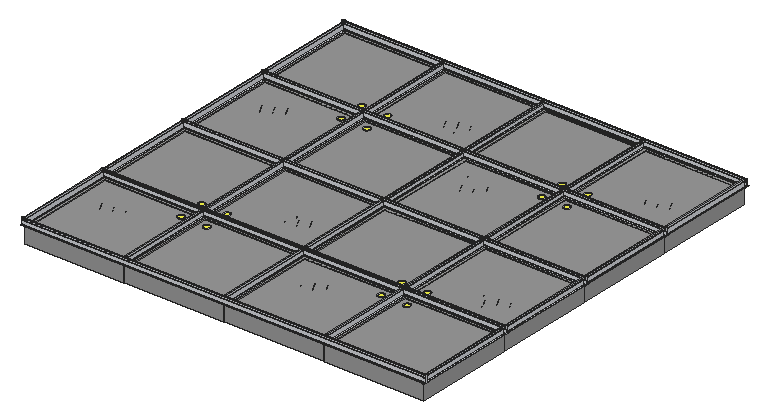
Revit family "GRD-FPG-019_FOLDED PLUG GRID_RFA", category Modelos genéricos, Revit 2022 (continued)
Definition of nested family "GRD-TLE-021_TILE 001_RFA"
  Forms (in)
    Extrusion 88, solid, not visible
      sketch origin (0, 0, 0) x (1, 0, 0) y (0, 1, 0)
        loop
          line (6, 2) -> (6, 1) -> (66, 1) -> (66, 2) -> (6, 2)
      from 0 to 1.03
    Extrusion 89, solid, not visible
      sketch origin (0, 32, 0) x (1, 0, 0) y (0, 1, 0)
        loop
          line (0, 3) -> (0, 0) -> (108, 0) -> (108, 3) -> (0, 3)
      from 0 to 8
    Extrusion 90, void, not visible
      sketch origin (0, 32, 0) x (1, 0, 0) y (0, 1, 0)
        loop
          line (6, 2) -> (6, 1) -> (102, 1) -> (102, 2) -> (6, 2)
      from 0 to 1.03
    Extrusion 91, solid, not visible
      sketch origin (8.95842, -18.67436, 0) x (1, 0, 0) y (0, 1, 0)
        loop
          line (-8.48642, 97.64679) -> (-8.48642, 97.17436) -> (98.56914, 97.17436) -> (98.56914, 97.64679) -> (-8.48642, 97.64679)
      from 0.59055 to 8
    Extrusion 92, solid, not visible
      sketch origin (8.95842, -16.6468, 0) x (1, 0, 0) y (0, 1, 0)
        loop
          line (-8.48642, 97.64679) -> (-8.48642, 97.17436) -> (98.56914, 97.17436) -> (98.56914, 97.64679) -> (-8.48642, 97.64679)
      from 0.59055 to 8
    Extrusion 93, solid, not visible
      sketch origin (60.46912, 110.28574, 0) x (1, 0, 0) y (0, 1, 0)
        loop
          line (45.03088, -29.28574) -> (-57.96911, -29.28574) -> (-57.96911, -31.78574) -> (45.03088, -31.78574) -> (45.03088, -29.28574)
        loop
          line (23.78088, -31.03574) -> (41.78088, -31.03574) -> (41.78088, -30.03574) -> (23.78088, -30.03574) -> (23.78088, -31.03574)
        loop
          line (-54.71912, -31.03574) -> (-36.71912, -31.03574) -> (-36.71912, -30.03574) -> (-54.71912, -30.03574) -> (-54.71912, -31.03574)
      from 0 to 0.59055
    Extrusion 94, solid, not visible
      sketch origin (108, 51.5, 0) x (0, 1, 0) y (-1, 0, 0)
        loop
          line (27.75, 102.25) -> (27.75, 84.25) -> (28.75, 84.25) -> (28.75, 102.25) -> (27.75, 102.25)
      from 0 to 1
    Extrusion 95, solid, not visible
      sketch origin (186.5, 51.5, 0) x (0, 1, 0) y (-1, 0, 0)
        loop
          line (27.75, 102.25) -> (27.75, 84.25) -> (28.75, 84.25) -> (28.75, 102.25) -> (27.75, 102.25)
      from 0 to 1
    Extrusion 96, solid, not visible
      sketch origin (8.95842, -44.42438, 0) x (1, 0, 0) y (0, 1, 0)
        loop
          line (-8.48642, 97.64679) -> (-8.48642, 97.17436) -> (98.56914, 97.17436) -> (98.56914, 97.64679) -> (-8.48642, 97.64679)
      from 0.59055 to 8
    Extrusion 97, solid, not visible
      sketch origin (8.95842, -42.39682, 0) x (1, 0, 0) y (0, 1, 0)
        loop
          line (-8.48642, 97.64679) -> (-8.48642, 97.17436) -> (98.56914, 97.17436) -> (98.56914, 97.64679) -> (-8.48642, 97.64679)
      from 0.59055 to 8
    Extrusion 98, solid, not visible
      sketch origin (60.46912, 84.53571, 0) x (1, 0, 0) y (0, 1, 0)
        loop
          line (45.03088, -29.28574) -> (-57.96911, -29.28574) -> (-57.96911, -31.78574) -> (45.03088, -31.78574) -> (45.03088, -29.28574)
        loop
          line (-28.96912, -31.03574) -> (-10.96912, -31.03574) -> (-10.96912, -30.03574) -> (-28.96912, -30.03574) -> (-28.96912, -31.03574)
        loop
          line (-3.21912, -31.03571) -> (14.78088, -31.03571) -> (14.78088, -30.03571) -> (-3.21912, -30.03571) -> (-3.21912, -31.03571)
      from 0 to 0.59055
    Extrusion 99, solid, not visible
      sketch origin (133.74998, 25.74998, 0) x (0, 1, 0) y (-1, 0, 0)
        loop
          line (27.75, 102.25) -> (27.75, 84.25) -> (28.75, 84.25) -> (28.75, 102.25) -> (27.75, 102.25)
      from 0 to 1
    Extrusion 100, solid, not visible
      sketch origin (159.49998, 25.74998, 0) x (0, 1, 0) y (-1, 0, 0)
        loop
          line (27.75, 102.25) -> (27.75, 84.25) -> (28.75, 84.25) -> (28.75, 102.25) -> (27.75, 102.25)
      from 0 to 1
    Extrusion 101, solid, not visible
      sketch origin (8.95842, -70.17436, 0) x (1, 0, 0) y (0, 1, 0)
        loop
          line (-8.48642, 97.64679) -> (-8.48642, 97.17436) -> (98.56914, 97.17436) -> (98.56914, 97.64679) -> (-8.48642, 97.64679)
      from 0.59055 to 8
    Extrusion 102, solid, not visible
      sketch origin (8.95842, -68.1468, 0) x (1, 0, 0) y (0, 1, 0)
        loop
          line (-8.48642, 97.64679) -> (-8.48642, 97.17436) -> (98.56914, 97.17436) -> (98.56914, 97.64679) -> (-8.48642, 97.64679)
      from 0.59055 to 8
    Extrusion 103, solid, not visible
      sketch origin (60.46912, 58.78574, 0) x (1, 0, 0) y (0, 1, 0)
        loop
          line (45.03088, -29.28574) -> (-57.96911, -29.28574) -> (-57.96911, -31.78574) -> (45.03088, -31.78574) -> (45.03088, -29.28574)
        loop
          line (23.78088, -31.03574) -> (41.78088, -31.03574) -> (41.78088, -30.03574) -> (23.78088, -30.03574) -> (23.78088, -31.03574)
        loop
          line (-54.71912, -31.03574) -> (-36.71912, -31.03574) -> (-36.71912, -30.03574) -> (-54.71912, -30.03574) -> (-54.71912, -31.03574)
      from 0 to 0.59055
    Extrusion 104, solid, not visible
      sketch origin (108, 0, 0) x (0, 1, 0) y (-1, 0, 0)
        loop
          line (27.75, 102.25) -> (27.75, 84.25) -> (28.75, 84.25) -> (28.75, 102.25) -> (27.75, 102.25)
      from 0 to 1
    Extrusion 105, solid, not visible
      sketch origin (186.5, 0, 0) x (0, 1, 0) y (-1, 0, 0)
        loop
          line (27.75, 102.25) -> (27.75, 84.25) -> (28.75, 84.25) -> (28.75, 102.25) -> (27.75, 102.25)
      from 0 to 1
    Extrusion 106, solid, not visible
      sketch origin (-70.17436, 99.04114, 0) x (0, -1, 0) y (1, 0, 0)
        loop
          line (-8.48642, 97.64679) -> (-8.48642, 97.17436) -> (98.56914, 97.17436) -> (98.56914, 97.64679) -> (-8.48642, 97.64679)
      from 0.59055 to 8
    Extrusion 107, solid, not visible
      sketch origin (-68.1468, 99.04114, 0) x (0, -1, 0) y (1, 0, 0)
        loop
          line (-8.48642, 97.64679) -> (-8.48642, 97.17436) -> (98.56914, 97.17436) -> (98.56914, 97.64679) -> (-8.48642, 97.64679)
      from 0.59055 to 8
    Extrusion 108, solid, not visible
      sketch origin (-2.28571, 86.21912, 0) x (0, 1, 0) y (-1, 0, 0)
        loop
          line (19.28088, -29.28574) -> (-83.71912, -29.28574) -> (-83.71912, -31.78574) -> (19.28088, -31.78574) -> (19.28088, -29.28574)
        loop
          line (16.03088, -31.03571) -> (16.03088, -30.03571) -> (-1.96912, -30.03571) -> (-1.96912, -31.03571) -> (16.03088, -31.03571)
        loop
          line (-62.46912, -31.03571) -> (-62.46912, -30.03571) -> (-80.46912, -30.03571) -> (-80.46912, -31.03571) -> (-62.46912, -31.03571)
      from 0 to 0.59055
    Extrusion 109, solid, not visible
      sketch origin (0, 0, 0) x (1, 0, 0) y (0, 1, 0)
        loop
          line (27.75, 102.25) -> (27.75, 84.25) -> (28.75, 84.25) -> (28.75, 102.25) -> (27.75, 102.25)
      from 0 to 1
    Extrusion 110, solid, not visible
      sketch origin (0, -78.5, 0) x (1, 0, 0) y (0, 1, 0)
        loop
          line (27.75, 102.25) -> (27.75, 84.25) -> (28.75, 84.25) -> (28.75, 102.25) -> (27.75, 102.25)
      from 0 to 1
    Extrusion 111, solid, not visible
      sketch origin (-44.89438, 99.04114, 0) x (0, -1, 0) y (1, 0, 0)
        loop
          line (-8.48642, 97.64679) -> (-8.48642, 97.17436) -> (98.56914, 97.17436) -> (98.56914, 97.64679) -> (-8.48642, 97.64679)
      from 0.59055 to 8
    Extrusion 112, solid, not visible
      sketch origin (-42.39682, 99.04114, 0) x (0, -1, 0) y (1, 0, 0)
        loop
          line (-8.48642, 97.64679) -> (-8.48642, 97.17436) -> (98.56914, 97.17436) -> (98.56914, 97.64679) -> (-8.48642, 97.64679)
      from 0.59055 to 8
    Extrusion 113, solid, not visible
      sketch origin (23.46427, 86.21912, 0) x (0, 1, 0) y (-1, 0, 0)
        loop
          line (19.28088, -28.81571) -> (-83.71912, -28.81571) -> (-83.71912, -31.78574) -> (19.28088, -31.78574) -> (19.28088, -28.81571)
        loop
          line (-28.96912, -29.78573) -> (-28.96912, -30.78571) -> (-10.96912, -30.78571) -> (-10.96912, -29.78573) -> (-28.96912, -29.78573)
        loop
          line (-54.71914, -29.78573) -> (-54.71914, -30.78573) -> (-36.71914, -30.78573) -> (-36.71914, -29.78573) -> (-54.71914, -29.78573)
      from 0 to 0.59055
    Extrusion 114, solid, not visible
      sketch origin (25.74998, -27, 0) x (1, 0, 0) y (0, 1, 0)
        loop
          line (27.50002, 102.25) -> (27.50002, 84.25) -> (28.5, 84.25) -> (28.5, 102.25) -> (27.50002, 102.25)
      from 0 to 1
    Extrusion 115, solid, not visible
      sketch origin (25.74998, -52.75002, 0) x (1, 0, 0) y (0, 1, 0)
        loop
          line (27.50002, 102.25) -> (27.50002, 84.25) -> (28.50002, 84.25) -> (28.50002, 102.25) -> (27.50002, 102.25)
      from 0 to 1
    Extrusion 116, solid, not visible
      sketch origin (-18.67436, 99.04114, 0) x (0, -1, 0) y (1, 0, 0)
        loop
          line (-8.48642, 97.64679) -> (-8.48642, 97.17436) -> (98.56914, 97.17436) -> (98.56914, 97.64679) -> (-8.48642, 97.64679)
      from 0.59055 to 8
    Extrusion 117, solid, not visible
      sketch origin (-16.6468, 99.04114, 0) x (0, -1, 0) y (1, 0, 0)
        loop
          line (-8.48642, 97.64679) -> (-8.48642, 97.17436) -> (98.56914, 97.17436) -> (98.56914, 97.64679) -> (-8.48642, 97.64679)
      from 0.59055 to 8
    Extrusion 118, solid, not visible
      sketch origin (49.21426, 86.21912, 0) x (0, 1, 0) y (-1, 0, 0)
        loop
          line (19.28088, -29.28574) -> (-83.71912, -29.28574) -> (-83.71912, -31.78574) -> (19.28088, -31.78574) -> (19.28088, -29.28574)
        loop
          line (16.03088, -31.03571) -> (16.03088, -30.03571) -> (-1.96912, -30.03571) -> (-1.96912, -31.03571) -> (16.03088, -31.03571)
        loop
          line (-62.46912, -31.03571) -> (-62.46912, -30.03571) -> (-80.46912, -30.03571) -> (-80.46912, -31.03571) -> (-62.46912, -31.03571)
      from 0 to 0.59055
    Extrusion 119, solid, not visible
      sketch origin (51.49997, 0, 0) x (1, 0, 0) y (0, 1, 0)
        loop
          line (27.75, 102.25) -> (27.75, 84.25) -> (28.75, 84.25) -> (28.75, 102.25) -> (27.75, 102.25)
      from 0 to 1
    Extrusion 120, solid, not visible
      sketch origin (51.49997, -78.5, 0) x (1, 0, 0) y (0, 1, 0)
        loop
          line (27.75, 102.25) -> (27.75, 84.25) -> (28.75, 84.25) -> (28.75, 102.25) -> (27.75, 102.25)
      from 0 to 1
    Extrusion 121, solid, not visible
      sketch origin (10.23509, 91.82771, 0) x (0, -1, 0) y (1, 0, 0)
        loop
          line (-16.17229, 97.76491) -> (-15.69986, 97.29248) -> (91.35527, 97.29248) -> (91.82771, 97.76491) -> (-16.17229, 97.76491)
      from 0.59055 to 8
    Extrusion 122, solid, not visible
      sketch origin (137.28574, 61.88413, 0) x (0, 1, 0) y (-1, 0, 0)
        loop
          line (46.11587, 29.28574) -> (43.61587, 31.78574) -> (-59.38412, 31.78574) -> (-61.88412, 29.28574) -> (46.11587, 29.28574)
      from 0 to 0.59055
    Extrusion 123, solid, not visible
      sketch origin (8.20754, 91.82771, 0) x (0, -1, 0) y (1, 0, 0)
        loop
          line (-14.14474, 97.76491) -> (-13.67231, 97.29248) -> (89.32772, 97.29248) -> (89.80016, 97.76491) -> (-14.14474, 97.76491)
      from 0.59055 to 8.22418
    Extrusion 124, solid, not visible
      sketch origin (18.95842, 10.23509, 0) x (1, 0, 0) y (0, 1, 0)
        loop
          line (-18.95842, 97.76491) -> (-18.48598, 97.29247) -> (88.56914, 97.29247) -> (89.04158, 97.76491) -> (-18.95842, 97.76491)
      from 0.59055 to 8
    Extrusion 125, solid, not visible
      sketch origin (61.88413, 137.28574, 0) x (1, 0, 0) y (0, 1, 0)
        loop
          line (46.11587, -29.28574) -> (-61.88412, -29.28574) -> (-59.38412, -31.78574) -> (43.61587, -31.78574) -> (46.11587, -29.28574)
      from 0 to 0.59055
    Extrusion 126, solid, not visible
      sketch origin (18.95842, 8.20753, 0) x (1, 0, 0) y (0, 1, 0)
        loop
          line (-16.93086, 97.76491) -> (-16.45842, 97.29247) -> (86.54158, 97.29247) -> (87.01402, 97.76491) -> (-16.93086, 97.76491)
      from 0.59055 to 8
    Extrusion 127, solid, not visible
      sketch origin (-101.24865, 87.31603, 0) x (0, -1, 0) y (1, 0, 0)
        loop
          line (-20.21152, 101.72109) -> (-20.68397, 101.24865) -> (87.31604, 101.24865) -> (86.84359, 101.72109) -> (-20.21152, 101.72109)
      from 0.47244 to 8
    Extrusion 128, solid, not visible
      sketch origin (-29.28573, 61.88413, 0) x (0, 1, 0) y (-1, 0, 0)
        loop
          line (46.11587, -29.28574) -> (-61.88412, -29.28574) -> (-59.38412, -31.78574) -> (43.61587, -31.78574) -> (46.11587, -29.28574)
      from 0 to 0.59055
    Extrusion 129, solid, not visible
      sketch origin (-99.22109, 87.31603, 0) x (0, -1, 0) y (1, 0, 0)
        loop
          line (-18.18396, 101.72109) -> (-18.65641, 101.24865) -> (85.28848, 101.24865) -> (84.81603, 101.72109) -> (-18.18396, 101.72109)
      from 0.47244 to 8
    Extrusion 130, solid, not visible
      sketch origin (61.88413, -29.28574, 0) x (1, 0, 0) y (0, 1, 0)
        loop
          line (46.11587, 29.28574) -> (43.61587, 31.78574) -> (-59.38412, 31.78574) -> (-61.88412, 29.28574) -> (46.11587, 29.28574)
      from 0 to 0.47244
    Extrusion 131, solid, not visible
      sketch origin (8.95842, -97.17435, 0) x (1, 0, 0) y (0, 1, 0)
        loop
          line (-8.48598, 97.64679) -> (-8.95842, 97.17436) -> (99.04157, 97.17436) -> (98.56914, 97.64679) -> (-8.48598, 97.64679)
      from 0.59055 to 8
    Extrusion 132, solid, not visible
      sketch origin (8.95842, -95.14679, 0) x (1, 0, 0) y (0, 1, 0)
        loop
          line (-6.45842, 97.64679) -> (-6.93085, 97.17436) -> (97.01401, 97.17436) -> (96.54158, 97.64679) -> (-6.45842, 97.64679)
      from 0.59055 to 8
    Extrusion 133, solid, not visible
      sketch origin (61.88413, -29.28574, 0) x (1, 0, 0) y (0, 1, 0)
        loop
          line (46.11587, 29.28574) -> (43.61587, 31.78574) -> (-59.38412, 31.78574) -> (-61.88412, 29.28574) -> (46.11587, 29.28574)
      from 0 to 0.47244
    Extrusion 134, solid, not visible
      sketch origin (18.95842, 10.23509, 0) x (1, 0, 0) y (0, 1, 0)
        loop
          line (-18.95842, 97.76491) -> (-18.48598, 97.29247) -> (88.56914, 97.29247) -> (89.04158, 97.76491) -> (-18.95842, 97.76491)
      from 0.59055 to 8
    Extrusion 135, solid, not visible
      sketch origin (8.95842, -97.17435, 0) x (1, 0, 0) y (0, 1, 0)
        loop
          line (-8.48598, 97.64679) -> (-8.95842, 97.17436) -> (99.04157, 97.17436) -> (98.56914, 97.64679) -> (-8.48598, 97.64679)
      from 0.59055 to 8
    Extrusion 136, solid, not visible
      sketch origin (10.23509, 91.82771, 0) x (0, -1, 0) y (1, 0, 0)
        loop
          line (-16.17229, 97.76491) -> (-15.69986, 97.29248) -> (91.35527, 97.29248) -> (91.82771, 97.76491) -> (-16.17229, 97.76491)
      from 0.59055 to 8
    Extrusion 137, solid, not visible
      sketch origin (-101.24865, 87.31603, 0) x (0, -1, 0) y (1, 0, 0)
        loop
          line (-20.21152, 101.72109) -> (-20.68397, 101.24865) -> (87.31604, 101.24865) -> (86.84359, 101.72109) -> (-20.21152, 101.72109)
      from 0.47244 to 8
    Extrusion 138, solid, not visible
      sketch origin (61.88413, 137.28574, 0) x (1, 0, 0) y (0, 1, 0)
        loop
          line (46.11587, -29.28574) -> (-61.88412, -29.28574) -> (-59.38412, -31.78574) -> (43.61587, -31.78574) -> (46.11587, -29.28574)
      from 0 to 0.59055
    Extrusion 139, solid, not visible
      sketch origin (-29.28573, 61.88413, 0) x (0, 1, 0) y (-1, 0, 0)
        loop
          line (46.11587, -29.28574) -> (-61.88412, -29.28574) -> (-59.38412, -31.78574) -> (43.61587, -31.78574) -> (46.11587, -29.28574)
      from 0 to 0.59055
    Extrusion 140, solid, not visible
      sketch origin (137.28574, 61.88413, 0) x (0, 1, 0) y (-1, 0, 0)
        loop
          line (46.11587, 29.28574) -> (43.61587, 31.78574) -> (-59.38412, 31.78574) -> (-61.88412, 29.28574) -> (46.11587, 29.28574)
      from 0 to 0.59055
    Extrusion 141, solid, not visible
      sketch origin (8.95842, -95.14679, 0) x (1, 0, 0) y (0, 1, 0)
        loop
          line (-6.45842, 97.64679) -> (-6.93085, 97.17436) -> (97.01401, 97.17436) -> (96.54158, 97.64679) -> (-6.45842, 97.64679)
      from 0.59055 to 8
    Extrusion 142, solid, not visible
      sketch origin (-99.22109, 87.31603, 0) x (0, -1, 0) y (1, 0, 0)
        loop
          line (-18.18396, 101.72109) -> (-18.65641, 101.24865) -> (85.28848, 101.24865) -> (84.81603, 101.72109) -> (-18.18396, 101.72109)
      from 0.47244 to 8
    Extrusion 143, solid, not visible
      sketch origin (18.95842, 8.20753, 0) x (1, 0, 0) y (0, 1, 0)
        loop
          line (-16.93086, 97.76491) -> (-16.45842, 97.29247) -> (86.54158, 97.29247) -> (87.01402, 97.76491) -> (-16.93086, 97.76491)
      from 0.59055 to 8
    Extrusion 144, solid, not visible
      sketch origin (8.20754, 91.82771, 0) x (0, -1, 0) y (1, 0, 0)
        loop
          line (-14.14474, 97.76491) -> (-13.67231, 97.29248) -> (89.32772, 97.29248) -> (89.80016, 97.76491) -> (-14.14474, 97.76491)
      from 0.59055 to 8.22418
    Extrusion 145, solid, not visible
      sketch origin (8.95842, -70.17436, 0) x (1, 0, 0) y (0, 1, 0)
        loop
          line (-8.48642, 97.64679) -> (-8.48642, 97.17436) -> (98.56914, 97.17436) -> (98.56914, 97.64679) -> (-8.48642, 97.64679)
      from 0.59055 to 8
    Extrusion 146, solid, not visible
      sketch origin (8.95842, -68.1468, 0) x (1, 0, 0) y (0, 1, 0)
        loop
          line (-8.48642, 97.64679) -> (-8.48642, 97.17436) -> (98.56914, 97.17436) -> (98.56914, 97.64679) -> (-8.48642, 97.64679)
      from 0.59055 to 8
    Extrusion 147, solid, not visible
      sketch origin (8.95842, -44.42438, 0) x (1, 0, 0) y (0, 1, 0)
        loop
          line (-8.48642, 97.64679) -> (-8.48642, 97.17436) -> (98.56914, 97.17436) -> (98.56914, 97.64679) -> (-8.48642, 97.64679)
      from 0.59055 to 8
    Extrusion 148, solid, not visible
      sketch origin (8.95842, -42.39682, 0) x (1, 0, 0) y (0, 1, 0)
        loop
          line (-8.48642, 97.64679) -> (-8.48642, 97.17436) -> (98.56914, 97.17436) -> (98.56914, 97.64679) -> (-8.48642, 97.64679)
      from 0.59055 to 8
    Extrusion 149, solid, not visible
      sketch origin (8.95842, -18.67436, 0) x (1, 0, 0) y (0, 1, 0)
        loop
          line (-8.48642, 97.64679) -> (-8.48642, 97.17436) -> (98.56914, 97.17436) -> (98.56914, 97.64679) -> (-8.48642, 97.64679)
      from 0.59055 to 8
    Extrusion 150, solid, not visible
      sketch origin (8.95842, -16.6468, 0) x (1, 0, 0) y (0, 1, 0)
        loop
          line (-8.48642, 97.64679) -> (-8.48642, 97.17436) -> (98.56914, 97.17436) -> (98.56914, 97.64679) -> (-8.48642, 97.64679)
      from 0.59055 to 8
    Extrusion 151, solid, not visible
      sketch origin (-70.17436, 99.04114, 0) x (0, -1, 0) y (1, 0, 0)
        loop
          line (-8.48642, 97.64679) -> (-8.48642, 97.17436) -> (98.56914, 97.17436) -> (98.56914, 97.64679) -> (-8.48642, 97.64679)
      from 0.59055 to 8
    Extrusion 152, solid, not visible
      sketch origin (-68.1468, 99.04114, 0) x (0, -1, 0) y (1, 0, 0)
        loop
          line (-8.48642, 97.64679) -> (-8.48642, 97.17436) -> (98.56914, 97.17436) -> (98.56914, 97.64679) -> (-8.48642, 97.64679)
      from 0.59055 to 8
    Extrusion 153, solid, not visible
      sketch origin (-44.89438, 99.04114, 0) x (0, -1, 0) y (1, 0, 0)
        loop
          line (-8.48642, 97.64679) -> (-8.48642, 97.17436) -> (98.56914, 97.17436) -> (98.56914, 97.64679) -> (-8.48642, 97.64679)
      from 0.59055 to 8
    Extrusion 154, solid, not visible
      sketch origin (-42.39682, 99.04114, 0) x (0, -1, 0) y (1, 0, 0)
        loop
          line (-8.48642, 97.64679) -> (-8.48642, 97.17436) -> (98.56914, 97.17436) -> (98.56914, 97.64679) -> (-8.48642, 97.64679)
      from 0.59055 to 8
    Extrusion 155, solid, not visible
      sketch origin (-18.67436, 99.04114, 0) x (0, -1, 0) y (1, 0, 0)
        loop
          line (-8.48642, 97.64679) -> (-8.48642, 97.17436) -> (98.56914, 97.17436) -> (98.56914, 97.64679) -> (-8.48642, 97.64679)
      from 0.59055 to 8
    Extrusion 156, solid, not visible
      sketch origin (-16.6468, 99.04114, 0) x (0, -1, 0) y (1, 0, 0)
        loop
          line (-8.48642, 97.64679) -> (-8.48642, 97.17436) -> (98.56914, 97.17436) -> (98.56914, 97.64679) -> (-8.48642, 97.64679)
      from 0.59055 to 8
    Extrusion 157, solid, not visible
      sketch origin (60.46912, 110.28574, 0) x (1, 0, 0) y (0, 1, 0)
        loop
          line (45.03088, -29.28574) -> (-57.96911, -29.28574) -> (-57.96911, -31.78574) -> (45.03088, -31.78574) -> (45.03088, -29.28574)
        loop
          line (23.78088, -31.03574) -> (41.78088, -31.03574) -> (41.78088, -30.03574) -> (23.78088, -30.03574) -> (23.78088, -31.03574)
        loop
          line (-54.71912, -31.03574) -> (-36.71912, -31.03574) -> (-36.71912, -30.03574) -> (-54.71912, -30.03574) -> (-54.71912, -31.03574)
      from 0 to 0.59055
    Extrusion 158, solid, not visible
      sketch origin (60.46912, 84.53571, 0) x (1, 0, 0) y (0, 1, 0)
        loop
          line (45.03088, -29.28574) -> (-57.96911, -29.28574) -> (-57.96911, -31.78574) -> (45.03088, -31.78574) -> (45.03088, -29.28574)
        loop
          line (-28.96912, -31.03574) -> (-10.96912, -31.03574) -> (-10.96912, -30.03574) -> (-28.96912, -30.03574) -> (-28.96912, -31.03574)
        loop
          line (-3.21912, -31.03571) -> (14.78088, -31.03571) -> (14.78088, -30.03571) -> (-3.21912, -30.03571) -> (-3.21912, -31.03571)
      from 0 to 0.59055
    Extrusion 159, solid, not visible
      sketch origin (60.46912, 58.78574, 0) x (1, 0, 0) y (0, 1, 0)
        loop
          line (45.03088, -29.28574) -> (-57.96911, -29.28574) -> (-57.96911, -31.78574) -> (45.03088, -31.78574) -> (45.03088, -29.28574)
        loop
          line (23.78088, -31.03574) -> (41.78088, -31.03574) -> (41.78088, -30.03574) -> (23.78088, -30.03574) -> (23.78088, -31.03574)
        loop
          line (-54.71912, -31.03574) -> (-36.71912, -31.03574) -> (-36.71912, -30.03574) -> (-54.71912, -30.03574) -> (-54.71912, -31.03574)
      from 0 to 0.59055
    Extrusion 160, solid, not visible
      sketch origin (23.46427, 86.21912, 0) x (0, 1, 0) y (-1, 0, 0)
        loop
          line (19.28088, -28.81571) -> (-83.71912, -28.81571) -> (-83.71912, -31.78574) -> (19.28088, -31.78574) -> (19.28088, -28.81571)
        loop
          line (-28.96912, -29.78573) -> (-28.96912, -30.78571) -> (-10.96912, -30.78571) -> (-10.96912, -29.78573) -> (-28.96912, -29.78573)
        loop
          line (-54.71914, -29.78573) -> (-54.71914, -30.78573) -> (-36.71914, -30.78573) -> (-36.71914, -29.78573) -> (-54.71914, -29.78573)
      from 0 to 0.59055
    Extrusion 161, solid, not visible
      sketch origin (-2.28571, 86.21912, 0) x (0, 1, 0) y (-1, 0, 0)
        loop
          line (19.28088, -29.28574) -> (-83.71912, -29.28574) -> (-83.71912, -31.78574) -> (19.28088, -31.78574) -> (19.28088, -29.28574)
        loop
          line (16.03088, -31.03571) -> (16.03088, -30.03571) -> (-1.96912, -30.03571) -> (-1.96912, -31.03571) -> (16.03088, -31.03571)
        loop
          line (-62.46912, -31.03571) -> (-62.46912, -30.03571) -> (-80.46912, -30.03571) -> (-80.46912, -31.03571) -> (-62.46912, -31.03571)
      from 0 to 0.59055
    Extrusion 162, solid, not visible
      sketch origin (49.21426, 86.21912, 0) x (0, 1, 0) y (-1, 0, 0)
        loop
          line (19.28088, -29.28574) -> (-83.71912, -29.28574) -> (-83.71912, -31.78574) -> (19.28088, -31.78574) -> (19.28088, -29.28574)
        loop
          line (16.03088, -31.03571) -> (16.03088, -30.03571) -> (-1.96912, -30.03571) -> (-1.96912, -31.03571) -> (16.03088, -31.03571)
        loop
          line (-62.46912, -31.03571) -> (-62.46912, -30.03571) -> (-80.46912, -30.03571) -> (-80.46912, -31.03571) -> (-62.46912, -31.03571)
      from 0 to 0.59055
    Extrusion 163, solid, not visible
      sketch origin (0, 0, 0) x (1, 0, 0) y (0, 1, 0)
        loop
          line (27.75, 102.25) -> (27.75, 84.25) -> (28.75, 84.25) -> (28.75, 102.25) -> (27.75, 102.25)
      from 0 to 1
    Extrusion 164, solid, not visible
      sketch origin (0, -78.5, 0) x (1, 0, 0) y (0, 1, 0)
        loop
          line (27.75, 102.25) -> (27.75, 84.25) -> (28.75, 84.25) -> (28.75, 102.25) -> (27.75, 102.25)
      from 0 to 1
    Extrusion 165, solid, not visible
      sketch origin (51.49997, 0, 0) x (1, 0, 0) y (0, 1, 0)
        loop
          line (27.75, 102.25) -> (27.75, 84.25) -> (28.75, 84.25) -> (28.75, 102.25) -> (27.75, 102.25)
      from 0 to 1
    Extrusion 166, solid, not visible
      sketch origin (51.49997, -78.5, 0) x (1, 0, 0) y (0, 1, 0)
        loop
          line (27.75, 102.25) -> (27.75, 84.25) -> (28.75, 84.25) -> (28.75, 102.25) -> (27.75, 102.25)
      from 0 to 1
    Extrusion 167, solid, not visible
      sketch origin (25.74998, -27, 0) x (1, 0, 0) y (0, 1, 0)
        loop
          line (27.50002, 102.25) -> (27.50002, 84.25) -> (28.5, 84.25) -> (28.5, 102.25) -> (27.50002, 102.25)
      from 0 to 1
    Extrusion 168, solid, not visible
      sketch origin (25.74998, -52.75002, 0) x (1, 0, 0) y (0, 1, 0)
        loop
          line (27.50002, 102.25) -> (27.50002, 84.25) -> (28.50002, 84.25) -> (28.50002, 102.25) -> (27.50002, 102.25)
      from 0 to 1
    Extrusion 169, solid, not visible
      sketch origin (108, 0, 0) x (0, 1, 0) y (-1, 0, 0)
        loop
          line (27.75, 102.25) -> (27.75, 84.25) -> (28.75, 84.25) -> (28.75, 102.25) -> (27.75, 102.25)
      from 0 to 1
    Extrusion 170, solid, not visible
      sketch origin (186.5, 0, 0) x (0, 1, 0) y (-1, 0, 0)
        loop
          line (27.75, 102.25) -> (27.75, 84.25) -> (28.75, 84.25) -> (28.75, 102.25) -> (27.75, 102.25)
      from 0 to 1
    Extrusion 171, solid, not visible
      sketch origin (108, 51.5, 0) x (0, 1, 0) y (-1, 0, 0)
        loop
          line (27.75, 102.25) -> (27.75, 84.25) -> (28.75, 84.25) -> (28.75, 102.25) -> (27.75, 102.25)
      from 0 to 1
    Extrusion 172, solid, not visible
      sketch origin (186.5, 51.5, 0) x (0, 1, 0) y (-1, 0, 0)
        loop
          line (27.75, 102.25) -> (27.75, 84.25) -> (28.75, 84.25) -> (28.75, 102.25) -> (27.75, 102.25)
      from 0 to 1
    Extrusion 173, solid, not visible
      sketch origin (133.74998, 25.74998, 0) x (0, 1, 0) y (-1, 0, 0)
        loop
          line (27.75, 102.25) -> (27.75, 84.25) -> (28.75, 84.25) -> (28.75, 102.25) -> (27.75, 102.25)
      from 0 to 1
    Extrusion 174, solid, not visible
      sketch origin (159.49998, 25.74998, 0) x (0, 1, 0) y (-1, 0, 0)
        loop
          line (27.75, 102.25) -> (27.75, 84.25) -> (28.75, 84.25) -> (28.75, 102.25) -> (27.75, 102.25)
      from 0 to 1
    Extrusion 175, solid
      sketch origin (0, 0, 0) x (0, 1, 0) y (0, 0, 1)
        loop
          line (0.42221, 1.66259) -> (0.42231, 0.67354)
          arc (0.42231, 0.67354) -> (0.41009, 0.64403) -> (0.38057, 0.6318) r 0.04174
          line (0.38057, 0.6318) -> (-0.00639, 0.6318) -> (-0.00639, 0.59057) -> (0.8874, 0.59057) -> (0.8874, 0.6318) -> (0.49998, 0.6318)
          arc (0.49998, 0.6318) -> (0.47046, 0.64403) -> (0.45824, 0.67354) r 0.04174
          line (0.45824, 0.67354) -> (0.45834, 1.66259)
          arc (0.45834, 1.66259) -> (0.46543, 1.67969) -> (0.48252, 1.68677) r 0.02418
          line (0.48252, 1.68677) -> (0.52252, 1.68677)
          arc (0.52252, 1.68677) -> (0.55303, 1.69941) -> (0.56566, 1.72991) r 0.04314
          line (0.56566, 1.72991) -> (0.56566, 2.14095)
          arc (0.56566, 2.14095) -> (0.5626, 2.15637) -> (0.55386, 2.16944) r 0.04029
          line (0.55386, 2.16944) -> (0.47053, 2.25277)
          arc (0.47053, 2.25277) -> (0.44027, 2.2653) -> (0.41002, 2.25277) r 0.04279
          line (0.41002, 2.25277) -> (0.32669, 2.16944)
          arc (0.32669, 2.16944) -> (0.31795, 2.15637) -> (0.31489, 2.14095) r 0.04029
          line (0.31489, 2.14095) -> (0.31489, 1.72991)
          arc (0.31489, 1.72991) -> (0.32752, 1.69941) -> (0.35803, 1.68677) r 0.04314
          line (0.35803, 1.68677) -> (0.39803, 1.68677)
          arc (0.39803, 1.68677) -> (0.41512, 1.67969) -> (0.42221, 1.66259) r 0.02418
        loop
          arc (0.33294, 1.7291) -> (0.34005, 1.71194) -> (0.35722, 1.70483) r 0.02428
          line (0.35722, 1.70483) -> (0.39815, 1.70483)
          arc (0.39815, 1.70483) -> (0.42797, 1.69248) -> (0.44023, 1.66266) r 0.04217
          arc (0.44023, 1.66266) -> (0.45258, 1.69248) -> (0.4824, 1.70483) r 0.04217
          line (0.4824, 1.70483) -> (0.52333, 1.70483)
          arc (0.52333, 1.70483) -> (0.54049, 1.71194) -> (0.54761, 1.7291) r 0.02428
          line (0.54761, 1.7291) -> (0.54761, 2.15016) -> (0.45704, 2.24072)
          arc (0.45704, 2.24072) -> (0.44027, 2.24767) -> (0.42351, 2.24072) r 0.02371
          line (0.42351, 2.24072) -> (0.33294, 2.15016) -> (0.33294, 1.7291)
      from 0 to 96.9361
    Extrusion 176, solid
      sketch origin (0, 24, 0) x (0, 1, 0) y (0, 0, 1)
        loop
          line (0.42221, 1.66259) -> (0.42231, 0.67354)
          arc (0.42231, 0.67354) -> (0.41009, 0.64403) -> (0.38057, 0.6318) r 0.04174
          line (0.38057, 0.6318) -> (-0.00639, 0.6318) -> (-0.00639, 0.59057) -> (0.8874, 0.59057) -> (0.8874, 0.6318) -> (0.49998, 0.6318)
          arc (0.49998, 0.6318) -> (0.47046, 0.64403) -> (0.45824, 0.67354) r 0.04174
          line (0.45824, 0.67354) -> (0.45834, 1.66259)
          arc (0.45834, 1.66259) -> (0.46543, 1.67969) -> (0.48252, 1.68677) r 0.02418
          line (0.48252, 1.68677) -> (0.52252, 1.68677)
          arc (0.52252, 1.68677) -> (0.55303, 1.69941) -> (0.56566, 1.72991) r 0.04314
          line (0.56566, 1.72991) -> (0.56566, 2.14095)
          arc (0.56566, 2.14095) -> (0.5626, 2.15637) -> (0.55386, 2.16944) r 0.04029
          line (0.55386, 2.16944) -> (0.47053, 2.25277)
          arc (0.47053, 2.25277) -> (0.44027, 2.2653) -> (0.41002, 2.25277) r 0.04279
          line (0.41002, 2.25277) -> (0.32669, 2.16944)
          arc (0.32669, 2.16944) -> (0.31795, 2.15637) -> (0.31489, 2.14095) r 0.04029
          line (0.31489, 2.14095) -> (0.31489, 1.72991)
          arc (0.31489, 1.72991) -> (0.32752, 1.69941) -> (0.35803, 1.68677) r 0.04314
          line (0.35803, 1.68677) -> (0.39803, 1.68677)
          arc (0.39803, 1.68677) -> (0.41512, 1.67969) -> (0.42221, 1.66259) r 0.02418
        loop
          arc (0.33294, 1.7291) -> (0.34005, 1.71194) -> (0.35722, 1.70483) r 0.02428
          line (0.35722, 1.70483) -> (0.39815, 1.70483)
          arc (0.39815, 1.70483) -> (0.42797, 1.69248) -> (0.44023, 1.66266) r 0.04217
          arc (0.44023, 1.66266) -> (0.45258, 1.69248) -> (0.4824, 1.70483) r 0.04217
          line (0.4824, 1.70483) -> (0.52333, 1.70483)
          arc (0.52333, 1.70483) -> (0.54049, 1.71194) -> (0.54761, 1.7291) r 0.02428
          line (0.54761, 1.7291) -> (0.54761, 2.15016) -> (0.45704, 2.24072)
          arc (0.45704, 2.24072) -> (0.44027, 2.24767) -> (0.42351, 2.24072) r 0.02371
          line (0.42351, 2.24072) -> (0.33294, 2.15016) -> (0.33294, 1.7291)
      from 0 to 96.9361
    Extrusion 177, solid
      sketch origin (0, 48, 0) x (0, 1, 0) y (0, 0, 1)
        loop
          line (0.42221, 1.66259) -> (0.42231, 0.67354)
          arc (0.42231, 0.67354) -> (0.41009, 0.64403) -> (0.38057, 0.6318) r 0.04174
          line (0.38057, 0.6318) -> (-0.00639, 0.6318) -> (-0.00639, 0.59057) -> (0.8874, 0.59057) -> (0.8874, 0.6318) -> (0.49998, 0.6318)
          arc (0.49998, 0.6318) -> (0.47046, 0.64403) -> (0.45824, 0.67354) r 0.04174
          line (0.45824, 0.67354) -> (0.45834, 1.66259)
          arc (0.45834, 1.66259) -> (0.46543, 1.67969) -> (0.48252, 1.68677) r 0.02418
          line (0.48252, 1.68677) -> (0.52252, 1.68677)
          arc (0.52252, 1.68677) -> (0.55303, 1.69941) -> (0.56566, 1.72991) r 0.04314
          line (0.56566, 1.72991) -> (0.56566, 2.14095)
          arc (0.56566, 2.14095) -> (0.5626, 2.15637) -> (0.55386, 2.16944) r 0.04029
          line (0.55386, 2.16944) -> (0.47053, 2.25277)
          arc (0.47053, 2.25277) -> (0.44027, 2.2653) -> (0.41002, 2.25277) r 0.04279
          line (0.41002, 2.25277) -> (0.32669, 2.16944)
          arc (0.32669, 2.16944) -> (0.31795, 2.15637) -> (0.31489, 2.14095) r 0.04029
          line (0.31489, 2.14095) -> (0.31489, 1.72991)
          arc (0.31489, 1.72991) -> (0.32752, 1.69941) -> (0.35803, 1.68677) r 0.04314
          line (0.35803, 1.68677) -> (0.39803, 1.68677)
          arc (0.39803, 1.68677) -> (0.41512, 1.67969) -> (0.42221, 1.66259) r 0.02418
        loop
          arc (0.33294, 1.7291) -> (0.34005, 1.71194) -> (0.35722, 1.70483) r 0.02428
          line (0.35722, 1.70483) -> (0.39815, 1.70483)
          arc (0.39815, 1.70483) -> (0.42797, 1.69248) -> (0.44023, 1.66266) r 0.04217
          arc (0.44023, 1.66266) -> (0.45258, 1.69248) -> (0.4824, 1.70483) r 0.04217
          line (0.4824, 1.70483) -> (0.52333, 1.70483)
          arc (0.52333, 1.70483) -> (0.54049, 1.71194) -> (0.54761, 1.7291) r 0.02428
          line (0.54761, 1.7291) -> (0.54761, 2.15016) -> (0.45704, 2.24072)
          arc (0.45704, 2.24072) -> (0.44027, 2.24767) -> (0.42351, 2.24072) r 0.02371
          line (0.42351, 2.24072) -> (0.33294, 2.15016) -> (0.33294, 1.7291)
      from 0 to 96.9361
    Extrusion 178, solid
      sketch origin (0, 72, 0) x (0, 1, 0) y (0, 0, 1)
        loop
          line (0.42221, 1.66259) -> (0.42231, 0.67354)
          arc (0.42231, 0.67354) -> (0.41009, 0.64403) -> (0.38057, 0.6318) r 0.04174
          line (0.38057, 0.6318) -> (-0.00639, 0.6318) -> (-0.00639, 0.59057) -> (0.8874, 0.59057) -> (0.8874, 0.6318) -> (0.49998, 0.6318)
          arc (0.49998, 0.6318) -> (0.47046, 0.64403) -> (0.45824, 0.67354) r 0.04174
          line (0.45824, 0.67354) -> (0.45834, 1.66259)
          arc (0.45834, 1.66259) -> (0.46543, 1.67969) -> (0.48252, 1.68677) r 0.02418
          line (0.48252, 1.68677) -> (0.52252, 1.68677)
          arc (0.52252, 1.68677) -> (0.55303, 1.69941) -> (0.56566, 1.72991) r 0.04314
          line (0.56566, 1.72991) -> (0.56566, 2.14095)
          arc (0.56566, 2.14095) -> (0.5626, 2.15637) -> (0.55386, 2.16944) r 0.04029
          line (0.55386, 2.16944) -> (0.47053, 2.25277)
          arc (0.47053, 2.25277) -> (0.44027, 2.2653) -> (0.41002, 2.25277) r 0.04279
          line (0.41002, 2.25277) -> (0.32669, 2.16944)
          arc (0.32669, 2.16944) -> (0.31795, 2.15637) -> (0.31489, 2.14095) r 0.04029
          line (0.31489, 2.14095) -> (0.31489, 1.72991)
          arc (0.31489, 1.72991) -> (0.32752, 1.69941) -> (0.35803, 1.68677) r 0.04314
          line (0.35803, 1.68677) -> (0.39803, 1.68677)
          arc (0.39803, 1.68677) -> (0.41512, 1.67969) -> (0.42221, 1.66259) r 0.02418
        loop
          arc (0.33294, 1.7291) -> (0.34005, 1.71194) -> (0.35722, 1.70483) r 0.02428
          line (0.35722, 1.70483) -> (0.39815, 1.70483)
          arc (0.39815, 1.70483) -> (0.42797, 1.69248) -> (0.44023, 1.66266) r 0.04217
          arc (0.44023, 1.66266) -> (0.45258, 1.69248) -> (0.4824, 1.70483) r 0.04217
          line (0.4824, 1.70483) -> (0.52333, 1.70483)
          arc (0.52333, 1.70483) -> (0.54049, 1.71194) -> (0.54761, 1.7291) r 0.02428
          line (0.54761, 1.7291) -> (0.54761, 2.15016) -> (0.45704, 2.24072)
          arc (0.45704, 2.24072) -> (0.44027, 2.24767) -> (0.42351, 2.24072) r 0.02371
          line (0.42351, 2.24072) -> (0.33294, 2.15016) -> (0.33294, 1.7291)
      from 0 to 96.9361
    Extrusion 179, solid
      sketch origin (0, 96, 0) x (0, 1, 0) y (0, 0, 1)
        loop
          line (0.42221, 1.66259) -> (0.42231, 0.67354)
          arc (0.42231, 0.67354) -> (0.41009, 0.64403) -> (0.38057, 0.6318) r 0.04174
          line (0.38057, 0.6318) -> (-0.00639, 0.6318) -> (-0.00639, 0.59057) -> (0.8874, 0.59057) -> (0.8874, 0.6318) -> (0.49998, 0.6318)
          arc (0.49998, 0.6318) -> (0.47046, 0.64403) -> (0.45824, 0.67354) r 0.04174
          line (0.45824, 0.67354) -> (0.45834, 1.66259)
          arc (0.45834, 1.66259) -> (0.46543, 1.67969) -> (0.48252, 1.68677) r 0.02418
          line (0.48252, 1.68677) -> (0.52252, 1.68677)
          arc (0.52252, 1.68677) -> (0.55303, 1.69941) -> (0.56566, 1.72991) r 0.04314
          line (0.56566, 1.72991) -> (0.56566, 2.14095)
          arc (0.56566, 2.14095) -> (0.5626, 2.15637) -> (0.55386, 2.16944) r 0.04029
          line (0.55386, 2.16944) -> (0.47053, 2.25277)
          arc (0.47053, 2.25277) -> (0.44027, 2.2653) -> (0.41002, 2.25277) r 0.04279
          line (0.41002, 2.25277) -> (0.32669, 2.16944)
          arc (0.32669, 2.16944) -> (0.31795, 2.15637) -> (0.31489, 2.14095) r 0.04029
          line (0.31489, 2.14095) -> (0.31489, 1.72991)
          arc (0.31489, 1.72991) -> (0.32752, 1.69941) -> (0.35803, 1.68677) r 0.04314
          line (0.35803, 1.68677) -> (0.39803, 1.68677)
          arc (0.39803, 1.68677) -> (0.41512, 1.67969) -> (0.42221, 1.66259) r 0.02418
        loop
          arc (0.33294, 1.7291) -> (0.34005, 1.71194) -> (0.35722, 1.70483) r 0.02428
          line (0.35722, 1.70483) -> (0.39815, 1.70483)
          arc (0.39815, 1.70483) -> (0.42797, 1.69248) -> (0.44023, 1.66266) r 0.04217
          arc (0.44023, 1.66266) -> (0.45258, 1.69248) -> (0.4824, 1.70483) r 0.04217
          line (0.4824, 1.70483) -> (0.52333, 1.70483)
          arc (0.52333, 1.70483) -> (0.54049, 1.71194) -> (0.54761, 1.7291) r 0.02428
          line (0.54761, 1.7291) -> (0.54761, 2.15016) -> (0.45704, 2.24072)
          arc (0.45704, 2.24072) -> (0.44027, 2.24767) -> (0.42351, 2.24072) r 0.02371
          line (0.42351, 2.24072) -> (0.33294, 2.15016) -> (0.33294, 1.7291)
      from 0 to 96.9361
    Extrusion 180, solid
      sketch origin (48.02754, 154.90856, 0) x (1, 0, 0) y (0, 0, 1)
        loop
          line (0.42221, 1.66259) -> (0.42231, 0.67354)
          arc (0.42231, 0.67354) -> (0.41009, 0.64403) -> (0.38057, 0.6318) r 0.04174
          line (0.38057, 0.6318) -> (-0.00639, 0.6318) -> (-0.00639, 0.59057) -> (0.8874, 0.59057) -> (0.8874, 0.6318) -> (0.49998, 0.6318)
          arc (0.49998, 0.6318) -> (0.47046, 0.64403) -> (0.45824, 0.67354) r 0.04174
          line (0.45824, 0.67354) -> (0.45834, 1.66259)
          arc (0.45834, 1.66259) -> (0.46543, 1.67969) -> (0.48252, 1.68677) r 0.02418
          line (0.48252, 1.68677) -> (0.52252, 1.68677)
          arc (0.52252, 1.68677) -> (0.55303, 1.69941) -> (0.56566, 1.72991) r 0.04314
          line (0.56566, 1.72991) -> (0.56566, 2.14095)
          arc (0.56566, 2.14095) -> (0.5626, 2.15637) -> (0.55386, 2.16944) r 0.04029
          line (0.55386, 2.16944) -> (0.47053, 2.25277)
          arc (0.47053, 2.25277) -> (0.44027, 2.2653) -> (0.41002, 2.25277) r 0.04279
          line (0.41002, 2.25277) -> (0.32669, 2.16944)
          arc (0.32669, 2.16944) -> (0.31795, 2.15637) -> (0.31489, 2.14095) r 0.04029
          line (0.31489, 2.14095) -> (0.31489, 1.72991)
          arc (0.31489, 1.72991) -> (0.32752, 1.69941) -> (0.35803, 1.68677) r 0.04314
          line (0.35803, 1.68677) -> (0.39803, 1.68677)
          arc (0.39803, 1.68677) -> (0.41512, 1.67969) -> (0.42221, 1.66259) r 0.02418
        loop
          arc (0.33294, 1.7291) -> (0.34005, 1.71194) -> (0.35722, 1.70483) r 0.02428
          line (0.35722, 1.70483) -> (0.39815, 1.70483)
          arc (0.39815, 1.70483) -> (0.42797, 1.69248) -> (0.44023, 1.66266) r 0.04217
          arc (0.44023, 1.66266) -> (0.45258, 1.69248) -> (0.4824, 1.70483) r 0.04217
          line (0.4824, 1.70483) -> (0.52333, 1.70483)
          arc (0.52333, 1.70483) -> (0.54049, 1.71194) -> (0.54761, 1.7291) r 0.02428
          line (0.54761, 1.7291) -> (0.54761, 2.15016) -> (0.45704, 2.24072)
          arc (0.45704, 2.24072) -> (0.44027, 2.24767) -> (0.42351, 2.24072) r 0.02371
          line (0.42351, 2.24072) -> (0.33294, 2.15016) -> (0.33294, 1.7291)
      from 58.93614 to 81.99864
    Extrusion 181, solid
      sketch origin (72.02767, 154.90856, 0) x (1, 0, 0) y (0, 0, 1)
        loop
          line (0.42221, 1.66259) -> (0.42231, 0.67354)
          arc (0.42231, 0.67354) -> (0.41009, 0.64403) -> (0.38057, 0.6318) r 0.04174
          line (0.38057, 0.6318) -> (-0.00639, 0.6318) -> (-0.00639, 0.59057) -> (0.8874, 0.59057) -> (0.8874, 0.6318) -> (0.49998, 0.6318)
          arc (0.49998, 0.6318) -> (0.47046, 0.64403) -> (0.45824, 0.67354) r 0.04174
          line (0.45824, 0.67354) -> (0.45834, 1.66259)
          arc (0.45834, 1.66259) -> (0.46543, 1.67969) -> (0.48252, 1.68677) r 0.02418
          line (0.48252, 1.68677) -> (0.52252, 1.68677)
          arc (0.52252, 1.68677) -> (0.55303, 1.69941) -> (0.56566, 1.72991) r 0.04314
          line (0.56566, 1.72991) -> (0.56566, 2.14095)
          arc (0.56566, 2.14095) -> (0.5626, 2.15637) -> (0.55386, 2.16944) r 0.04029
          line (0.55386, 2.16944) -> (0.47053, 2.25277)
          arc (0.47053, 2.25277) -> (0.44027, 2.2653) -> (0.41002, 2.25277) r 0.04279
          line (0.41002, 2.25277) -> (0.32669, 2.16944)
          arc (0.32669, 2.16944) -> (0.31795, 2.15637) -> (0.31489, 2.14095) r 0.04029
          line (0.31489, 2.14095) -> (0.31489, 1.72991)
          arc (0.31489, 1.72991) -> (0.32752, 1.69941) -> (0.35803, 1.68677) r 0.04314
          line (0.35803, 1.68677) -> (0.39803, 1.68677)
          arc (0.39803, 1.68677) -> (0.41512, 1.67969) -> (0.42221, 1.66259) r 0.02418
        loop
          arc (0.33294, 1.7291) -> (0.34005, 1.71194) -> (0.35722, 1.70483) r 0.02428
          line (0.35722, 1.70483) -> (0.39815, 1.70483)
          arc (0.39815, 1.70483) -> (0.42797, 1.69248) -> (0.44023, 1.66266) r 0.04217
          arc (0.44023, 1.66266) -> (0.45258, 1.69248) -> (0.4824, 1.70483) r 0.04217
          line (0.4824, 1.70483) -> (0.52333, 1.70483)
          arc (0.52333, 1.70483) -> (0.54049, 1.71194) -> (0.54761, 1.7291) r 0.02428
          line (0.54761, 1.7291) -> (0.54761, 2.15016) -> (0.45704, 2.24072)
          arc (0.45704, 2.24072) -> (0.44027, 2.24767) -> (0.42351, 2.24072) r 0.02371
          line (0.42351, 2.24072) -> (0.33294, 2.15016) -> (0.33294, 1.7291)
      from 58.93614 to 81.99864
    Extrusion 182, solid
      sketch origin (96.02767, 154.90856, 0) x (1, 0, 0) y (0, 0, 1)
        loop
          line (0.42221, 1.66259) -> (0.42231, 0.67354)
          arc (0.42231, 0.67354) -> (0.41009, 0.64403) -> (0.38057, 0.6318) r 0.04174
          line (0.38057, 0.6318) -> (-0.00639, 0.6318) -> (-0.00639, 0.59057) -> (0.8874, 0.59057) -> (0.8874, 0.6318) -> (0.49998, 0.6318)
          arc (0.49998, 0.6318) -> (0.47046, 0.64403) -> (0.45824, 0.67354) r 0.04174
          line (0.45824, 0.67354) -> (0.45834, 1.66259)
          arc (0.45834, 1.66259) -> (0.46543, 1.67969) -> (0.48252, 1.68677) r 0.02418
          line (0.48252, 1.68677) -> (0.52252, 1.68677)
          arc (0.52252, 1.68677) -> (0.55303, 1.69941) -> (0.56566, 1.72991) r 0.04314
          line (0.56566, 1.72991) -> (0.56566, 2.14095)
          arc (0.56566, 2.14095) -> (0.5626, 2.15637) -> (0.55386, 2.16944) r 0.04029
          line (0.55386, 2.16944) -> (0.47053, 2.25277)
          arc (0.47053, 2.25277) -> (0.44027, 2.2653) -> (0.41002, 2.25277) r 0.04279
          line (0.41002, 2.25277) -> (0.32669, 2.16944)
          arc (0.32669, 2.16944) -> (0.31795, 2.15637) -> (0.31489, 2.14095) r 0.04029
          line (0.31489, 2.14095) -> (0.31489, 1.72991)
          arc (0.31489, 1.72991) -> (0.32752, 1.69941) -> (0.35803, 1.68677) r 0.04314
          line (0.35803, 1.68677) -> (0.39803, 1.68677)
          arc (0.39803, 1.68677) -> (0.41512, 1.67969) -> (0.42221, 1.66259) r 0.02418
        loop
          arc (0.33294, 1.7291) -> (0.34005, 1.71194) -> (0.35722, 1.70483) r 0.02428
          line (0.35722, 1.70483) -> (0.39815, 1.70483)
          arc (0.39815, 1.70483) -> (0.42797, 1.69248) -> (0.44023, 1.66266) r 0.04217
          arc (0.44023, 1.66266) -> (0.45258, 1.69248) -> (0.4824, 1.70483) r 0.04217
          line (0.4824, 1.70483) -> (0.52333, 1.70483)
          arc (0.52333, 1.70483) -> (0.54049, 1.71194) -> (0.54761, 1.7291) r 0.02428
          line (0.54761, 1.7291) -> (0.54761, 2.15016) -> (0.45704, 2.24072)
          arc (0.45704, 2.24072) -> (0.44027, 2.24767) -> (0.42351, 2.24072) r 0.02371
          line (0.42351, 2.24072) -> (0.33294, 2.15016) -> (0.33294, 1.7291)
      from 58.93614 to 81.99864
    Extrusion 183, solid
      sketch origin (24.02767, 154.90856, 0) x (1, 0, 0) y (0, 0, 1)
        loop
          line (0.42221, 1.66259) -> (0.42231, 0.67354)
          arc (0.42231, 0.67354) -> (0.41009, 0.64403) -> (0.38057, 0.6318) r 0.04174
          line (0.38057, 0.6318) -> (-0.00639, 0.6318) -> (-0.00639, 0.59057) -> (0.8874, 0.59057) -> (0.8874, 0.6318) -> (0.49998, 0.6318)
          arc (0.49998, 0.6318) -> (0.47046, 0.64403) -> (0.45824, 0.67354) r 0.04174
          line (0.45824, 0.67354) -> (0.45834, 1.66259)
          arc (0.45834, 1.66259) -> (0.46543, 1.67969) -> (0.48252, 1.68677) r 0.02418
          line (0.48252, 1.68677) -> (0.52252, 1.68677)
          arc (0.52252, 1.68677) -> (0.55303, 1.69941) -> (0.56566, 1.72991) r 0.04314
          line (0.56566, 1.72991) -> (0.56566, 2.14095)
          arc (0.56566, 2.14095) -> (0.5626, 2.15637) -> (0.55386, 2.16944) r 0.04029
          line (0.55386, 2.16944) -> (0.47053, 2.25277)
          arc (0.47053, 2.25277) -> (0.44027, 2.2653) -> (0.41002, 2.25277) r 0.04279
          line (0.41002, 2.25277) -> (0.32669, 2.16944)
          arc (0.32669, 2.16944) -> (0.31795, 2.15637) -> (0.31489, 2.14095) r 0.04029
          line (0.31489, 2.14095) -> (0.31489, 1.72991)
          arc (0.31489, 1.72991) -> (0.32752, 1.69941) -> (0.35803, 1.68677) r 0.04314
          line (0.35803, 1.68677) -> (0.39803, 1.68677)
          arc (0.39803, 1.68677) -> (0.41512, 1.67969) -> (0.42221, 1.66259) r 0.02418
        loop
          arc (0.33294, 1.7291) -> (0.34005, 1.71194) -> (0.35722, 1.70483) r 0.02428
          line (0.35722, 1.70483) -> (0.39815, 1.70483)
          arc (0.39815, 1.70483) -> (0.42797, 1.69248) -> (0.44023, 1.66266) r 0.04217
          arc (0.44023, 1.66266) -> (0.45258, 1.69248) -> (0.4824, 1.70483) r 0.04217
          line (0.4824, 1.70483) -> (0.52333, 1.70483)
          arc (0.52333, 1.70483) -> (0.54049, 1.71194) -> (0.54761, 1.7291) r 0.02428
          line (0.54761, 1.7291) -> (0.54761, 2.15016) -> (0.45704, 2.24072)
          arc (0.45704, 2.24072) -> (0.44027, 2.24767) -> (0.42351, 2.24072) r 0.02371
          line (0.42351, 2.24072) -> (0.33294, 2.15016) -> (0.33294, 1.7291)
      from 58.93614 to 81.99864
    Extrusion 184, solid
      sketch origin (0.02767, 154.90856, 0) x (1, 0, 0) y (0, 0, 1)
        loop
          line (0.42221, 1.66259) -> (0.42231, 0.67354)
          arc (0.42231, 0.67354) -> (0.41009, 0.64403) -> (0.38057, 0.6318) r 0.04174
          line (0.38057, 0.6318) -> (-0.00639, 0.6318) -> (-0.00639, 0.59057) -> (0.8874, 0.59057) -> (0.8874, 0.6318) -> (0.49998, 0.6318)
          arc (0.49998, 0.6318) -> (0.47046, 0.64403) -> (0.45824, 0.67354) r 0.04174
          line (0.45824, 0.67354) -> (0.45834, 1.66259)
          arc (0.45834, 1.66259) -> (0.46543, 1.67969) -> (0.48252, 1.68677) r 0.02418
          line (0.48252, 1.68677) -> (0.52252, 1.68677)
          arc (0.52252, 1.68677) -> (0.55303, 1.69941) -> (0.56566, 1.72991) r 0.04314
          line (0.56566, 1.72991) -> (0.56566, 2.14095)
          arc (0.56566, 2.14095) -> (0.5626, 2.15637) -> (0.55386, 2.16944) r 0.04029
          line (0.55386, 2.16944) -> (0.47053, 2.25277)
          arc (0.47053, 2.25277) -> (0.44027, 2.2653) -> (0.41002, 2.25277) r 0.04279
          line (0.41002, 2.25277) -> (0.32669, 2.16944)
          arc (0.32669, 2.16944) -> (0.31795, 2.15637) -> (0.31489, 2.14095) r 0.04029
          line (0.31489, 2.14095) -> (0.31489, 1.72991)
          arc (0.31489, 1.72991) -> (0.32752, 1.69941) -> (0.35803, 1.68677) r 0.04314
          line (0.35803, 1.68677) -> (0.39803, 1.68677)
          arc (0.39803, 1.68677) -> (0.41512, 1.67969) -> (0.42221, 1.66259) r 0.02418
        loop
          arc (0.33294, 1.7291) -> (0.34005, 1.71194) -> (0.35722, 1.70483) r 0.02428
          line (0.35722, 1.70483) -> (0.39815, 1.70483)
          arc (0.39815, 1.70483) -> (0.42797, 1.69248) -> (0.44023, 1.66266) r 0.04217
          arc (0.44023, 1.66266) -> (0.45258, 1.69248) -> (0.4824, 1.70483) r 0.04217
          line (0.4824, 1.70483) -> (0.52333, 1.70483)
          arc (0.52333, 1.70483) -> (0.54049, 1.71194) -> (0.54761, 1.7291) r 0.02428
          line (0.54761, 1.7291) -> (0.54761, 2.15016) -> (0.45704, 2.24072)
          arc (0.45704, 2.24072) -> (0.44027, 2.24767) -> (0.42351, 2.24072) r 0.02371
          line (0.42351, 2.24072) -> (0.33294, 2.15016) -> (0.33294, 1.7291)
      from 58.93614 to 81.99864
    Extrusion 185, solid
      sketch origin (48.02754, 130.90855, 0) x (1, 0, 0) y (0, 0, 1)
        loop
          line (0.42221, 1.66259) -> (0.42231, 0.67354)
          arc (0.42231, 0.67354) -> (0.41009, 0.64403) -> (0.38057, 0.6318) r 0.04174
          line (0.38057, 0.6318) -> (-0.00639, 0.6318) -> (-0.00639, 0.59057) -> (0.8874, 0.59057) -> (0.8874, 0.6318) -> (0.49998, 0.6318)
          arc (0.49998, 0.6318) -> (0.47046, 0.64403) -> (0.45824, 0.67354) r 0.04174
          line (0.45824, 0.67354) -> (0.45834, 1.66259)
          arc (0.45834, 1.66259) -> (0.46543, 1.67969) -> (0.48252, 1.68677) r 0.02418
          line (0.48252, 1.68677) -> (0.52252, 1.68677)
          arc (0.52252, 1.68677) -> (0.55303, 1.69941) -> (0.56566, 1.72991) r 0.04314
          line (0.56566, 1.72991) -> (0.56566, 2.14095)
          arc (0.56566, 2.14095) -> (0.5626, 2.15637) -> (0.55386, 2.16944) r 0.04029
          line (0.55386, 2.16944) -> (0.47053, 2.25277)
          arc (0.47053, 2.25277) -> (0.44027, 2.2653) -> (0.41002, 2.25277) r 0.04279
          line (0.41002, 2.25277) -> (0.32669, 2.16944)
          arc (0.32669, 2.16944) -> (0.31795, 2.15637) -> (0.31489, 2.14095) r 0.04029
          line (0.31489, 2.14095) -> (0.31489, 1.72991)
          arc (0.31489, 1.72991) -> (0.32752, 1.69941) -> (0.35803, 1.68677) r 0.04314
          line (0.35803, 1.68677) -> (0.39803, 1.68677)
          arc (0.39803, 1.68677) -> (0.41512, 1.67969) -> (0.42221, 1.66259) r 0.02418
        loop
          arc (0.33294, 1.7291) -> (0.34005, 1.71194) -> (0.35722, 1.70483) r 0.02428
          line (0.35722, 1.70483) -> (0.39815, 1.70483)
          arc (0.39815, 1.70483) -> (0.42797, 1.69248) -> (0.44023, 1.66266) r 0.04217
          arc (0.44023, 1.66266) -> (0.45258, 1.69248) -> (0.4824, 1.70483) r 0.04217
          line (0.4824, 1.70483) -> (0.52333, 1.70483)
          arc (0.52333, 1.70483) -> (0.54049, 1.71194) -> (0.54761, 1.7291) r 0.02428
          line (0.54761, 1.7291) -> (0.54761, 2.15016) -> (0.45704, 2.24072)
          arc (0.45704, 2.24072) -> (0.44027, 2.24767) -> (0.42351, 2.24072) r 0.02371
          line (0.42351, 2.24072) -> (0.33294, 2.15016) -> (0.33294, 1.7291)
      from 58.93614 to 81.99864
    Extrusion 186, solid
      sketch origin (72.02767, 130.90855, 0) x (1, 0, 0) y (0, 0, 1)
        loop
          line (0.42221, 1.66259) -> (0.42231, 0.67354)
          arc (0.42231, 0.67354) -> (0.41009, 0.64403) -> (0.38057, 0.6318) r 0.04174
          line (0.38057, 0.6318) -> (-0.00639, 0.6318) -> (-0.00639, 0.59057) -> (0.8874, 0.59057) -> (0.8874, 0.6318) -> (0.49998, 0.6318)
          arc (0.49998, 0.6318) -> (0.47046, 0.64403) -> (0.45824, 0.67354) r 0.04174
          line (0.45824, 0.67354) -> (0.45834, 1.66259)
          arc (0.45834, 1.66259) -> (0.46543, 1.67969) -> (0.48252, 1.68677) r 0.02418
          line (0.48252, 1.68677) -> (0.52252, 1.68677)
          arc (0.52252, 1.68677) -> (0.55303, 1.69941) -> (0.56566, 1.72991) r 0.04314
          line (0.56566, 1.72991) -> (0.56566, 2.14095)
          arc (0.56566, 2.14095) -> (0.5626, 2.15637) -> (0.55386, 2.16944) r 0.04029
          line (0.55386, 2.16944) -> (0.47053, 2.25277)
          arc (0.47053, 2.25277) -> (0.44027, 2.2653) -> (0.41002, 2.25277) r 0.04279
          line (0.41002, 2.25277) -> (0.32669, 2.16944)
          arc (0.32669, 2.16944) -> (0.31795, 2.15637) -> (0.31489, 2.14095) r 0.04029
          line (0.31489, 2.14095) -> (0.31489, 1.72991)
          arc (0.31489, 1.72991) -> (0.32752, 1.69941) -> (0.35803, 1.68677) r 0.04314
          line (0.35803, 1.68677) -> (0.39803, 1.68677)
          arc (0.39803, 1.68677) -> (0.41512, 1.67969) -> (0.42221, 1.66259) r 0.02418
        loop
          arc (0.33294, 1.7291) -> (0.34005, 1.71194) -> (0.35722, 1.70483) r 0.02428
          line (0.35722, 1.70483) -> (0.39815, 1.70483)
          arc (0.39815, 1.70483) -> (0.42797, 1.69248) -> (0.44023, 1.66266) r 0.04217
          arc (0.44023, 1.66266) -> (0.45258, 1.69248) -> (0.4824, 1.70483) r 0.04217
          line (0.4824, 1.70483) -> (0.52333, 1.70483)
          arc (0.52333, 1.70483) -> (0.54049, 1.71194) -> (0.54761, 1.7291) r 0.02428
          line (0.54761, 1.7291) -> (0.54761, 2.15016) -> (0.45704, 2.24072)
          arc (0.45704, 2.24072) -> (0.44027, 2.24767) -> (0.42351, 2.24072) r 0.02371
          line (0.42351, 2.24072) -> (0.33294, 2.15016) -> (0.33294, 1.7291)
      from 58.93614 to 81.99864
    Extrusion 187, solid
      sketch origin (96.02767, 130.90855, 0) x (1, 0, 0) y (0, 0, 1)
        loop
          line (0.42221, 1.66259) -> (0.42231, 0.67354)
          arc (0.42231, 0.67354) -> (0.41009, 0.64403) -> (0.38057, 0.6318) r 0.04174
          line (0.38057, 0.6318) -> (-0.00639, 0.6318) -> (-0.00639, 0.59057) -> (0.8874, 0.59057) -> (0.8874, 0.6318) -> (0.49998, 0.6318)
          arc (0.49998, 0.6318) -> (0.47046, 0.64403) -> (0.45824, 0.67354) r 0.04174
          line (0.45824, 0.67354) -> (0.45834, 1.66259)
          arc (0.45834, 1.66259) -> (0.46543, 1.67969) -> (0.48252, 1.68677) r 0.02418
          line (0.48252, 1.68677) -> (0.52252, 1.68677)
          arc (0.52252, 1.68677) -> (0.55303, 1.69941) -> (0.56566, 1.72991) r 0.04314
          line (0.56566, 1.72991) -> (0.56566, 2.14095)
          arc (0.56566, 2.14095) -> (0.5626, 2.15637) -> (0.55386, 2.16944) r 0.04029
          line (0.55386, 2.16944) -> (0.47053, 2.25277)
          arc (0.47053, 2.25277) -> (0.44027, 2.2653) -> (0.41002, 2.25277) r 0.04279
          line (0.41002, 2.25277) -> (0.32669, 2.16944)
          arc (0.32669, 2.16944) -> (0.31795, 2.15637) -> (0.31489, 2.14095) r 0.04029
          line (0.31489, 2.14095) -> (0.31489, 1.72991)
          arc (0.31489, 1.72991) -> (0.32752, 1.69941) -> (0.35803, 1.68677) r 0.04314
          line (0.35803, 1.68677) -> (0.39803, 1.68677)
          arc (0.39803, 1.68677) -> (0.41512, 1.67969) -> (0.42221, 1.66259) r 0.02418
        loop
          arc (0.33294, 1.7291) -> (0.34005, 1.71194) -> (0.35722, 1.70483) r 0.02428
          line (0.35722, 1.70483) -> (0.39815, 1.70483)
          arc (0.39815, 1.70483) -> (0.42797, 1.69248) -> (0.44023, 1.66266) r 0.04217
          arc (0.44023, 1.66266) -> (0.45258, 1.69248) -> (0.4824, 1.70483) r 0.04217
          line (0.4824, 1.70483) -> (0.52333, 1.70483)
          arc (0.52333, 1.70483) -> (0.54049, 1.71194) -> (0.54761, 1.7291) r 0.02428
          line (0.54761, 1.7291) -> (0.54761, 2.15016) -> (0.45704, 2.24072)
          arc (0.45704, 2.24072) -> (0.44027, 2.24767) -> (0.42351, 2.24072) r 0.02371
          line (0.42351, 2.24072) -> (0.33294, 2.15016) -> (0.33294, 1.7291)
      from 58.93614 to 81.99864
    Extrusion 188, solid
      sketch origin (24.02767, 130.90855, 0) x (1, 0, 0) y (0, 0, 1)
        loop
          line (0.42221, 1.66259) -> (0.42231, 0.67354)
          arc (0.42231, 0.67354) -> (0.41009, 0.64403) -> (0.38057, 0.6318) r 0.04174
          line (0.38057, 0.6318) -> (-0.00639, 0.6318) -> (-0.00639, 0.59057) -> (0.8874, 0.59057) -> (0.8874, 0.6318) -> (0.49998, 0.6318)
          arc (0.49998, 0.6318) -> (0.47046, 0.64403) -> (0.45824, 0.67354) r 0.04174
          line (0.45824, 0.67354) -> (0.45834, 1.66259)
          arc (0.45834, 1.66259) -> (0.46543, 1.67969) -> (0.48252, 1.68677) r 0.02418
          line (0.48252, 1.68677) -> (0.52252, 1.68677)
          arc (0.52252, 1.68677) -> (0.55303, 1.69941) -> (0.56566, 1.72991) r 0.04314
          line (0.56566, 1.72991) -> (0.56566, 2.14095)
          arc (0.56566, 2.14095) -> (0.5626, 2.15637) -> (0.55386, 2.16944) r 0.04029
          line (0.55386, 2.16944) -> (0.47053, 2.25277)
          arc (0.47053, 2.25277) -> (0.44027, 2.2653) -> (0.41002, 2.25277) r 0.04279
